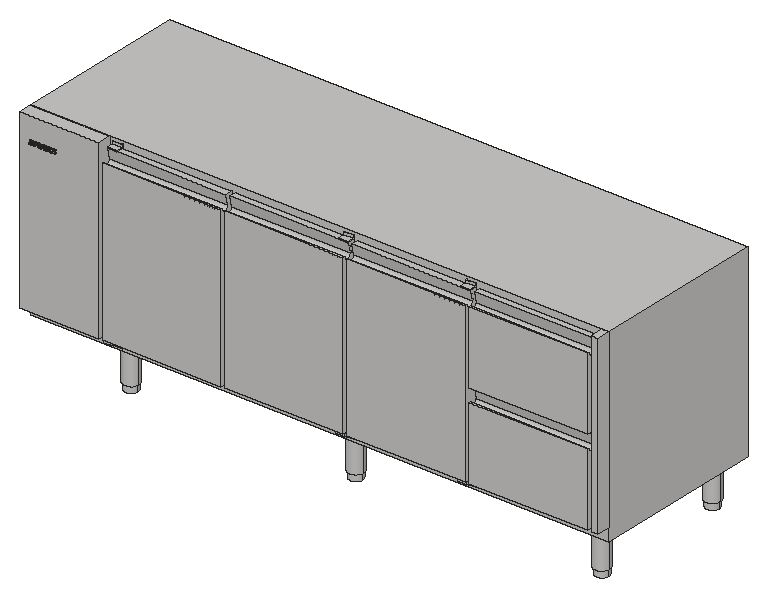
Revit family "QF_ALPENINOX_721087_AK4R7AAAB", category Attrezzature speciali, Revit 2018 (continued)
Definition of nested family "HPC_APX_BI_TN_L"
  Lines and regions (mm)
    Split face 120
      outline origin (110, -951.3, 50) x (1, 0, 0) y (0, 1, 0)
        loop
          arc (-218.464, 607.474) -> (-222.464, 603.474) -> (-218.464, 599.474) r 4
          line (-218.464, 599.474) -> (-176.464, 599.474)
          arc (-176.464, 599.474) -> (-172.464, 603.474) -> (-176.464, 607.474) r 4
          line (-176.464, 607.474) -> (-218.464, 607.474)
    Split face 121
      outline origin (220, -951.3, 50) x (1, 0, 0) y (0, 1, 0)
        loop
          arc (-273.464, 607.474) -> (-277.464, 603.474) -> (-273.464, 599.474) r 4
          line (-273.464, 599.474) -> (-231.464, 599.474)
          arc (-231.464, 599.474) -> (-227.464, 603.474) -> (-231.464, 607.474) r 4
          line (-231.464, 607.474) -> (-273.464, 607.474)
    Split face 122
      outline origin (0, -975.3, 50) x (1, 0, 0) y (0, 1, 0)
        loop
          arc (-163.464, 619.474) -> (-167.464, 615.474) -> (-163.464, 611.474) r 4
          line (-163.464, 611.474) -> (-121.464, 611.474)
          arc (-121.464, 611.474) -> (-117.464, 615.474) -> (-121.464, 619.474) r 4
          line (-121.464, 619.474) -> (-163.464, 619.474)
    Split face 123
      outline origin (330, -975.3, 50) x (1, 0, 0) y (0, 1, 0)
        loop
          arc (-328.464, 619.474) -> (-332.464, 615.474) -> (-328.464, 611.474) r 4
          line (-328.464, 611.474) -> (-286.464, 611.474)
          arc (-286.464, 611.474) -> (-282.464, 615.474) -> (-286.464, 619.474) r 4
          line (-286.464, 619.474) -> (-328.464, 619.474)
    Split face 124
      outline origin (110, -975.3, 50) x (1, 0, 0) y (0, 1, 0)
        loop
          arc (-218.464, 619.474) -> (-222.464, 615.474) -> (-218.464, 611.474) r 4
          line (-218.464, 611.474) -> (-176.464, 611.474)
          arc (-176.464, 611.474) -> (-172.464, 615.474) -> (-176.464, 619.474) r 4
          line (-176.464, 619.474) -> (-218.464, 619.474)
    Split face 125
      outline origin (220, -975.3, 50) x (1, 0, 0) y (0, 1, 0)
        loop
          arc (-273.464, 619.474) -> (-277.464, 615.474) -> (-273.464, 611.474) r 4
          line (-273.464, 611.474) -> (-231.464, 611.474)
          arc (-231.464, 611.474) -> (-227.464, 615.474) -> (-231.464, 619.474) r 4
          line (-231.464, 619.474) -> (-273.464, 619.474)
    Split face 126
      outline origin (0, -999.3, 50) x (1, 0, 0) y (0, 1, 0)
        loop
          arc (-163.464, 631.474) -> (-167.464, 627.474) -> (-163.464, 623.474) r 4
          line (-163.464, 623.474) -> (-121.464, 623.474)
          arc (-121.464, 623.474) -> (-117.464, 627.474) -> (-121.464, 631.474) r 4
          line (-121.464, 631.474) -> (-163.464, 631.474)
    Split face 127
      outline origin (330, -999.3, 50) x (1, 0, 0) y (0, 1, 0)
        loop
          arc (-328.464, 631.474) -> (-332.464, 627.474) -> (-328.464, 623.474) r 4
          line (-328.464, 623.474) -> (-286.464, 623.474)
          arc (-286.464, 623.474) -> (-282.464, 627.474) -> (-286.464, 631.474) r 4
          line (-286.464, 631.474) -> (-328.464, 631.474)
    Split face 128
      outline origin (110, -999.3, 50) x (1, 0, 0) y (0, 1, 0)
        loop
          arc (-218.464, 631.474) -> (-222.464, 627.474) -> (-218.464, 623.474) r 4
          line (-218.464, 623.474) -> (-176.464, 623.474)
          arc (-176.464, 623.474) -> (-172.464, 627.474) -> (-176.464, 631.474) r 4
          line (-176.464, 631.474) -> (-218.464, 631.474)
    Split face 129
      outline origin (220, -999.3, 50) x (1, 0, 0) y (0, 1, 0)
        loop
          arc (-273.464, 631.474) -> (-277.464, 627.474) -> (-273.464, 623.474) r 4
          line (-273.464, 623.474) -> (-231.464, 623.474)
          arc (-231.464, 623.474) -> (-227.464, 627.474) -> (-231.464, 631.474) r 4
          line (-231.464, 631.474) -> (-273.464, 631.474)
    Split face 130
      outline origin (0, -1023.3, 50) x (1, 0, 0) y (0, 1, 0)
        loop
          arc (-163.464, 643.474) -> (-167.464, 639.474) -> (-163.464, 635.474) r 4
          line (-163.464, 635.474) -> (-121.464, 635.474)
          arc (-121.464, 635.474) -> (-117.464, 639.474) -> (-121.464, 643.474) r 4
          line (-121.464, 643.474) -> (-163.464, 643.474)
    Split face 131
      outline origin (330, -1023.3, 50) x (1, 0, 0) y (0, 1, 0)
        loop
          arc (-328.464, 643.474) -> (-332.464, 639.474) -> (-328.464, 635.474) r 4
          line (-328.464, 635.474) -> (-286.464, 635.474)
          arc (-286.464, 635.474) -> (-282.464, 639.474) -> (-286.464, 643.474) r 4
          line (-286.464, 643.474) -> (-328.464, 643.474)
    Split face 132
      outline origin (110, -1023.3, 50) x (1, 0, 0) y (0, 1, 0)
        loop
          arc (-218.464, 643.474) -> (-222.464, 639.474) -> (-218.464, 635.474) r 4
          line (-218.464, 635.474) -> (-176.464, 635.474)
          arc (-176.464, 635.474) -> (-172.464, 639.474) -> (-176.464, 643.474) r 4
          line (-176.464, 643.474) -> (-218.464, 643.474)
    Split face 133
      outline origin (220, -1023.3, 50) x (1, 0, 0) y (0, 1, 0)
        loop
          arc (-273.464, 643.474) -> (-277.464, 639.474) -> (-273.464, 635.474) r 4
          line (-273.464, 635.474) -> (-231.464, 635.474)
          arc (-231.464, 635.474) -> (-227.464, 639.474) -> (-231.464, 643.474) r 4
          line (-231.464, 643.474) -> (-273.464, 643.474)
    symbolic lines
      curve 1: line (87.08, -74, 50) -> (87.08, -74, 0)
  Dimensions and locks
    equal spacing: plane 6, plane 1 "Center (Front/Back)", plane 7
    equal spacing: plane 4, plane 3 "Center (Left/Right)", plane 5
    aligned and locked: plane 2 to Extrusion 1
    aligned and locked: level to Extrusion 1
  Automatic sketch dimensions
    Split face 5 sketch curve to Split face 5 sketch curve = 42 mm
    Split face 5 sketch curve to Split face 5 sketch curve = 4 mm
    Split face 6 sketch curve to Split face 6 sketch curve = 42 mm
    Split face 6 sketch curve to Split face 6 sketch curve = 4 mm
    Split face 7 sketch curve to Split face 7 sketch curve = 42 mm
    Split face 7 sketch curve to Split face 7 sketch curve = 4 mm
    Split face 8 sketch curve to Split face 8 sketch curve = 42 mm
    Split face 8 sketch curve to Split face 8 sketch curve = 4 mm
    Split face 9 sketch curve to Split face 9 sketch curve = 42 mm
    Split face 9 sketch curve to Split face 9 sketch curve = 4 mm
    Split face 10 sketch curve to Split face 10 sketch curve = 42 mm
    Split face 10 sketch curve to Split face 10 sketch curve = 4 mm
    Split face 11 sketch curve to Split face 11 sketch curve = 42 mm
    Split face 11 sketch curve to Split face 11 sketch curve = 4 mm
    Split face 12 sketch curve to Split face 12 sketch curve = 42 mm
    Split face 12 sketch curve to Split face 12 sketch curve = 4 mm
    Split face 13 sketch curve to Split face 13 sketch curve = 42 mm
    Split face 13 sketch curve to Split face 13 sketch curve = 4 mm
    Split face 14 sketch curve to Split face 14 sketch curve = 42 mm
    Split face 14 sketch curve to Split face 14 sketch curve = 4 mm
    Split face 15 sketch curve to Split face 15 sketch curve = 42 mm
    Split face 15 sketch curve to Split face 15 sketch curve = 4 mm
    Split face 16 sketch curve to Split face 16 sketch curve = 42 mm
    Split face 16 sketch curve to Split face 16 sketch curve = 4 mm
    Split face 17 sketch curve to Split face 17 sketch curve = 42 mm
    Split face 17 sketch curve to Split face 17 sketch curve = 4 mm
    Split face 18 sketch curve to Split face 18 sketch curve = 42 mm
    Split face 18 sketch curve to Split face 18 sketch curve = 4 mm
    Split face 19 sketch curve to Split face 19 sketch curve = 42 mm
    Split face 19 sketch curve to Split face 19 sketch curve = 4 mm
    Split face 20 sketch curve to Split face 20 sketch curve = 42 mm
    Split face 20 sketch curve to Split face 20 sketch curve = 4 mm
    Split face 21 sketch curve to Split face 21 sketch curve = 42 mm
    Split face 21 sketch curve to Split face 21 sketch curve = 4 mm
    Split face 22 sketch curve to Split face 22 sketch curve = 42 mm
    Split face 22 sketch curve to Split face 22 sketch curve = 4 mm
    Split face 23 sketch curve to Split face 23 sketch curve = 42 mm
    Split face 23 sketch curve to Split face 23 sketch curve = 4 mm
    Split face 24 sketch curve to Split face 24 sketch curve = 42 mm
    Split face 24 sketch curve to Split face 24 sketch curve = 4 mm
    Split face 25 sketch curve to Split face 25 sketch curve = 42 mm
    Split face 25 sketch curve to Split face 25 sketch curve = 4 mm
    Split face 26 sketch curve to Split face 26 sketch curve = 42 mm
    Split face 26 sketch curve to Split face 26 sketch curve = 4 mm
    Split face 27 sketch curve to Split face 27 sketch curve = 42 mm
    Split face 27 sketch curve to Split face 27 sketch curve = 4 mm
    Split face 28 sketch curve to Split face 28 sketch curve = 42 mm
    Split face 28 sketch curve to Split face 28 sketch curve = 4 mm
    Split face 29 sketch curve to Split face 29 sketch curve = 42 mm
    Split face 29 sketch curve to Split face 29 sketch curve = 4 mm
    Split face 30 sketch curve to Split face 30 sketch curve = 42 mm
    Split face 30 sketch curve to Split face 30 sketch curve = 4 mm
    Split face 31 sketch curve to Split face 31 sketch curve = 42 mm
    Split face 31 sketch curve to Split face 31 sketch curve = 4 mm
    Split face 32 sketch curve to Split face 32 sketch curve = 42 mm
    Split face 32 sketch curve to Split face 32 sketch curve = 4 mm
    Split face 33 sketch curve to Split face 33 sketch curve = 42 mm
    Split face 33 sketch curve to Split face 33 sketch curve = 4 mm
    Split face 34 sketch curve to Split face 34 sketch curve = 42 mm
    Split face 34 sketch curve to Split face 34 sketch curve = 4 mm
    Split face 35 sketch curve to Split face 35 sketch curve = 42 mm
    Split face 35 sketch curve to Split face 35 sketch curve = 4 mm
    Split face 36 sketch curve to Split face 36 sketch curve = 42 mm
    Split face 36 sketch curve to Split face 36 sketch curve = 4 mm
    Split face 37 sketch curve to Split face 37 sketch curve = 42 mm
    Split face 37 sketch curve to Split face 37 sketch curve = 4 mm
    Split face 38 sketch curve to Split face 38 sketch curve = 42 mm
    Split face 38 sketch curve to Split face 38 sketch curve = 4 mm
    Split face 39 sketch curve to Split face 39 sketch curve = 42 mm
    Split face 39 sketch curve to Split face 39 sketch curve = 4 mm
    Split face 40 sketch curve to Split face 40 sketch curve = 42 mm
    Split face 40 sketch curve to Split face 40 sketch curve = 4 mm
    Split face 41 sketch curve to Split face 41 sketch curve = 42 mm
    Split face 41 sketch curve to Split face 41 sketch curve = 4 mm
    Split face 42 sketch curve to Split face 42 sketch curve = 42 mm
    Split face 42 sketch curve to Split face 42 sketch curve = 4 mm
    Split face 43 sketch curve to Split face 43 sketch curve = 42 mm
    Split face 43 sketch curve to Split face 43 sketch curve = 4 mm
    Split face 44 sketch curve to Split face 44 sketch curve = 42 mm
    Split face 44 sketch curve to Split face 44 sketch curve = 4 mm
    Split face 45 sketch curve to Split face 45 sketch curve = 42 mm
    Split face 45 sketch curve to Split face 45 sketch curve = 4 mm
    Split face 46 sketch curve to Split face 46 sketch curve = 42 mm
    Split face 46 sketch curve to Split face 46 sketch curve = 4 mm
    Split face 47 sketch curve to Split face 47 sketch curve = 42 mm
    Split face 47 sketch curve to Split face 47 sketch curve = 4 mm
    Split face 48 sketch curve to Split face 48 sketch curve = 42 mm
    Split face 48 sketch curve to Split face 48 sketch curve = 4 mm
    Split face 49 sketch curve to Split face 49 sketch curve = 42 mm
    Split face 49 sketch curve to Split face 49 sketch curve = 4 mm
    Split face 50 sketch curve to Split face 50 sketch curve = 42 mm
    Split face 50 sketch curve to Split face 50 sketch curve = 4 mm
    Split face 51 sketch curve to Split face 51 sketch curve = 42 mm
    Split face 51 sketch curve to Split face 51 sketch curve = 4 mm
    Split face 52 sketch curve to Split face 52 sketch curve = 42 mm
    Split face 52 sketch curve to Split face 52 sketch curve = 4 mm
    Split face 53 sketch curve to Split face 53 sketch curve = 42 mm
    Split face 53 sketch curve to Split face 53 sketch curve = 4 mm
    Split face 54 sketch curve to Split face 54 sketch curve = 42 mm
    Split face 54 sketch curve to Split face 54 sketch curve = 4 mm
    Split face 55 sketch curve to Split face 55 sketch curve = 42 mm
    Split face 55 sketch curve to Split face 55 sketch curve = 4 mm
    Split face 56 sketch curve to Split face 56 sketch curve = 42 mm
    Split face 56 sketch curve to Split face 56 sketch curve = 4 mm
    Split face 57 sketch curve to Split face 57 sketch curve = 42 mm
    Split face 57 sketch curve to Split face 57 sketch curve = 4 mm
    Split face 58 sketch curve to Split face 58 sketch curve = 42 mm
    Split face 58 sketch curve to Split face 58 sketch curve = 4 mm
    Split face 59 sketch curve to Split face 59 sketch curve = 42 mm
    Split face 59 sketch curve to Split face 59 sketch curve = 4 mm
    Split face 60 sketch curve to Split face 60 sketch curve = 42 mm
    Split face 60 sketch curve to Split face 60 sketch curve = 4 mm
    Split face 61 sketch curve to Split face 61 sketch curve = 42 mm
    Split face 61 sketch curve to Split face 61 sketch curve = 4 mm
    Split face 62 sketch curve to Split face 62 sketch curve = 42 mm
    Split face 62 sketch curve to Split face 62 sketch curve = 4 mm
    Split face 63 sketch curve to Split face 63 sketch curve = 42 mm
    Split face 63 sketch curve to Split face 63 sketch curve = 4 mm
    Split face 64 sketch curve to Split face 64 sketch curve = 42 mm
    Split face 64 sketch curve to Split face 64 sketch curve = 4 mm
    Split face 65 sketch curve to Split face 65 sketch curve = 42 mm
    Split face 65 sketch curve to Split face 65 sketch curve = 4 mm
    Split face 66 sketch curve to Split face 66 sketch curve = 42 mm
    Split face 66 sketch curve to Split face 66 sketch curve = 4 mm
    Split face 67 sketch curve to Split face 67 sketch curve = 42 mm
    Split face 67 sketch curve to Split face 67 sketch curve = 4 mm
    Split face 68 sketch curve to Split face 68 sketch curve = 42 mm
    Split face 68 sketch curve to Split face 68 sketch curve = 4 mm
    Split face 70 sketch curve to Split face 70 sketch curve = 42 mm
    Split face 70 sketch curve to Split face 70 sketch curve = 4 mm
    Split face 71 sketch curve to Split face 71 sketch curve = 42 mm
    Split face 71 sketch curve to Split face 71 sketch curve = 4 mm
    Split face 72 sketch curve to Split face 72 sketch curve = 42 mm
    Split face 72 sketch curve to Split face 72 sketch curve = 4 mm
    Split face 73 sketch curve to Split face 73 sketch curve = 42 mm
    Split face 73 sketch curve to Split face 73 sketch curve = 4 mm
    Split face 74 sketch curve to Split face 74 sketch curve = 42 mm
    Split face 74 sketch curve to Split face 74 sketch curve = 4 mm
    Split face 75 sketch curve to Split face 75 sketch curve = 42 mm
    Split face 75 sketch curve to Split face 75 sketch curve = 4 mm
    Split face 76 sketch curve to Split face 76 sketch curve = 42 mm
    Split face 76 sketch curve to Split face 76 sketch curve = 4 mm
    Split face 77 sketch curve to Split face 77 sketch curve = 42 mm
    Split face 77 sketch curve to Split face 77 sketch curve = 4 mm
    Split face 78 sketch curve to Split face 78 sketch curve = 42 mm
    Split face 78 sketch curve to Split face 78 sketch curve = 4 mm
    Split face 79 sketch curve to Split face 79 sketch curve = 42 mm
    Split face 79 sketch curve to Split face 79 sketch curve = 4 mm
    Split face 80 sketch curve to Split face 80 sketch curve = 42 mm
    Split face 80 sketch curve to Split face 80 sketch curve = 4 mm
    Split face 81 sketch curve to Split face 81 sketch curve = 42 mm
    Split face 81 sketch curve to Split face 81 sketch curve = 4 mm
    Split face 82 sketch curve to Split face 82 sketch curve = 42 mm
    Split face 82 sketch curve to Split face 82 sketch curve = 4 mm
    Split face 83 sketch curve to Split face 83 sketch curve = 42 mm
    Split face 83 sketch curve to Split face 83 sketch curve = 4 mm
    Split face 84 sketch curve to Split face 84 sketch curve = 42 mm
    Split face 84 sketch curve to Split face 84 sketch curve = 4 mm
    Split face 85 sketch curve to Split face 85 sketch curve = 42 mm
    Split face 85 sketch curve to Split face 85 sketch curve = 4 mm
    Split face 86 sketch curve to Split face 86 sketch curve = 42 mm
    Split face 86 sketch curve to Split face 86 sketch curve = 4 mm
    Split face 87 sketch curve to Split face 87 sketch curve = 42 mm
    Split face 87 sketch curve to Split face 87 sketch curve = 4 mm
    Split face 88 sketch curve to Split face 88 sketch curve = 42 mm
    Split face 88 sketch curve to Split face 88 sketch curve = 4 mm
    Split face 89 sketch curve to Split face 89 sketch curve = 42 mm
    Split face 89 sketch curve to Split face 89 sketch curve = 4 mm
    Split face 90 sketch curve to Split face 90 sketch curve = 42 mm
    Split face 90 sketch curve to Split face 90 sketch curve = 4 mm
    Split face 91 sketch curve to Split face 91 sketch curve = 42 mm
    Split face 91 sketch curve to Split face 91 sketch curve = 4 mm
    Split face 92 sketch curve to Split face 92 sketch curve = 42 mm
    Split face 92 sketch curve to Split face 92 sketch curve = 4 mm
    Split face 93 sketch curve to Split face 93 sketch curve = 42 mm
    Split face 93 sketch curve to Split face 93 sketch curve = 4 mm
    Split face 94 sketch curve to Split face 94 sketch curve = 42 mm
    Split face 94 sketch curve to Split face 94 sketch curve = 4 mm
    Split face 95 sketch curve to Split face 95 sketch curve = 42 mm
    Split face 95 sketch curve to Split face 95 sketch curve = 4 mm
    Split face 96 sketch curve to Split face 96 sketch curve = 42 mm
    Split face 96 sketch curve to Split face 96 sketch curve = 4 mm
    Split face 97 sketch curve to Split face 97 sketch curve = 42 mm
    Split face 97 sketch curve to Split face 97 sketch curve = 4 mm
    Split face 98 sketch curve to Split face 98 sketch curve = 42 mm
    Split face 98 sketch curve to Split face 98 sketch curve = 4 mm
    Split face 99 sketch curve to Split face 99 sketch curve = 42 mm
    Split face 99 sketch curve to Split face 99 sketch curve = 4 mm
    Split face 100 sketch curve to Split face 100 sketch curve = 42 mm
    Split face 100 sketch curve to Split face 100 sketch curve = 4 mm
    Split face 101 sketch curve to Split face 101 sketch curve = 42 mm
    Split face 101 sketch curve to Split face 101 sketch curve = 4 mm
    Split face 102 sketch curve to Split face 102 sketch curve = 42 mm
    Split face 102 sketch curve to Split face 102 sketch curve = 4 mm
    Split face 103 sketch curve to Split face 103 sketch curve = 42 mm
    Split face 103 sketch curve to Split face 103 sketch curve = 4 mm
    Split face 104 sketch curve to Split face 104 sketch curve = 42 mm
    Split face 104 sketch curve to Split face 104 sketch curve = 4 mm
    Split face 105 sketch curve to Split face 105 sketch curve = 42 mm
    Split face 105 sketch curve to Split face 105 sketch curve = 4 mm
    Split face 106 sketch curve to Split face 106 sketch curve = 42 mm
    Split face 106 sketch curve to Split face 106 sketch curve = 4 mm
    Split face 107 sketch curve to Split face 107 sketch curve = 42 mm
    Split face 107 sketch curve to Split face 107 sketch curve = 4 mm
    Split face 108 sketch curve to Split face 108 sketch curve = 42 mm
    Split face 108 sketch curve to Split face 108 sketch curve = 4 mm
    Split face 109 sketch curve to Split face 109 sketch curve = 42 mm
    Split face 109 sketch curve to Split face 109 sketch curve = 4 mm
    Split face 110 sketch curve to Split face 110 sketch curve = 42 mm
    Split face 110 sketch curve to Split face 110 sketch curve = 4 mm
    Split face 111 sketch curve to Split face 111 sketch curve = 42 mm
    Split face 111 sketch curve to Split face 111 sketch curve = 4 mm
    Split face 112 sketch curve to Split face 112 sketch curve = 42 mm
    Split face 112 sketch curve to Split face 112 sketch curve = 4 mm
    Split face 113 sketch curve to Split face 113 sketch curve = 42 mm
    Split face 113 sketch curve to Split face 113 sketch curve = 4 mm
    Split face 114 sketch curve to Split face 114 sketch curve = 42 mm
    Split face 114 sketch curve to Split face 114 sketch curve = 4 mm
    Split face 115 sketch curve to Split face 115 sketch curve = 42 mm
    Split face 115 sketch curve to Split face 115 sketch curve = 4 mm
    Split face 116 sketch curve to Split face 116 sketch curve = 42 mm
    Split face 116 sketch curve to Split face 116 sketch curve = 4 mm
    Split face 117 sketch curve to Split face 117 sketch curve = 42 mm
    Split face 117 sketch curve to Split face 117 sketch curve = 4 mm
    Split face 118 sketch curve to Split face 118 sketch curve = 42 mm
    Split face 118 sketch curve to Split face 118 sketch curve = 4 mm
    Split face 119 sketch curve to Split face 119 sketch curve = 42 mm
    Split face 119 sketch curve to Split face 119 sketch curve = 4 mm
    Split face 120 sketch curve to Split face 120 sketch curve = 42 mm
    Split face 120 sketch curve to Split face 120 sketch curve = 4 mm
    Split face 121 sketch curve to Split face 121 sketch curve = 42 mm
    Split face 121 sketch curve to Split face 121 sketch curve = 4 mm
    Split face 122 sketch curve to Split face 122 sketch curve = 42 mm
    Split face 122 sketch curve to Split face 122 sketch curve = 4 mm
    Split face 123 sketch curve to Split face 123 sketch curve = 42 mm
    Split face 123 sketch curve to Split face 123 sketch curve = 4 mm
    Split face 124 sketch curve to Split face 124 sketch curve = 42 mm
    Split face 124 sketch curve to Split face 124 sketch curve = 4 mm
    Split face 125 sketch curve to Split face 125 sketch curve = 42 mm
    Split face 125 sketch curve to Split face 125 sketch curve = 4 mm
    Split face 126 sketch curve to Split face 126 sketch curve = 42 mm
    Split face 126 sketch curve to Split face 126 sketch curve = 4 mm
    Split face 127 sketch curve to Split face 127 sketch curve = 42 mm
    Split face 127 sketch curve to Split face 127 sketch curve = 4 mm
    Split face 128 sketch curve to Split face 128 sketch curve = 42 mm
    Split face 128 sketch curve to Split face 128 sketch curve = 4 mm
    Split face 129 sketch curve to Split face 129 sketch curve = 42 mm
    Split face 129 sketch curve to Split face 129 sketch curve = 4 mm
    Split face 130 sketch curve to Split face 130 sketch curve = 42 mm
    Split face 130 sketch curve to Split face 130 sketch curve = 4 mm
    Split face 131 sketch curve to Split face 131 sketch curve = 42 mm
    Split face 131 sketch curve to Split face 131 sketch curve = 4 mm
    Split face 132 sketch curve to Split face 132 sketch curve = 42 mm
    Split face 132 sketch curve to Split face 132 sketch curve = 4 mm
    Split face 133 sketch curve to Split face 133 sketch curve = 42 mm
    Split face 133 sketch curve to Split face 133 sketch curve = 4 mm
    Extrusion 1 sketch curve to Extrusion 1 sketch curve = 2438.4 mm  (x2)
    Extrusion 2 sketch curve to plane 4 = 0 mm
    Extrusion 2 sketch curve to plane 5 = 0 mm
    Extrusion 2 sketch curve to plane 7 = 0 mm
    Extrusion 2 sketch curve to plane 6 = 0 mm
    Split face 1 sketch curve to Extrusion 2 = 0 mm  (x2)
    Split face 1 sketch curve to Extrusion 2 = 34 mm
    Split face 1 sketch curve to Extrusion 2 = 104 mm
    Split face 1 sketch curve to Split face 1 sketch curve = 17.5 mm
    Split face 2 sketch curve to Extrusion 2 = 130.5 mm
    Split face 2 sketch curve to Extrusion 2 = 60.5 mm
    Split face 2 sketch curve to Extrusion 2 = 98 mm
    Split face 2 sketch curve to Split face 2 sketch curve = 23 mm
    Split face 3 sketch curve to Extrusion 2 = 80.5 mm
    Split face 3 sketch curve to Split face 3 sketch curve = 17 mm  (x2)
    Split face 3 sketch curve to Extrusion 2 = 95 mm
    plane 4 to Extrusion 3 sketch curve = 34.51 mm
    Extrusion 3 sketch curve to Extrusion 3 sketch curve = 1.266 mm
    Extrusion 3 sketch curve to Extrusion 3 sketch curve = 1.307 mm
    Extrusion 3 sketch curve to Extrusion 3 sketch curve = 0.57 mm
    Extrusion 3 sketch curve to Extrusion 3 sketch curve = 0.593 mm
    Extrusion 3 sketch curve to Extrusion 3 sketch curve = 0.799 mm
    Extrusion 3 sketch curve to Extrusion 3 sketch curve = 1.99 mm  (x2)
    Extrusion 3 sketch curve to Extrusion 3 sketch curve = 0.003 mm
    Extrusion 3 sketch curve to Extrusion 3 sketch curve = 3.534 mm
    Extrusion 3 sketch curve to Extrusion 3 sketch curve = 0.835 mm
    Extrusion 3 sketch curve to Extrusion 3 sketch curve = 0.56 mm
    Extrusion 3 sketch curve to Extrusion 3 sketch curve = 1.268 mm
    Extrusion 3 sketch curve to Extrusion 3 sketch curve = 1.223 mm
    Extrusion 3 sketch curve to Extrusion 3 sketch curve = 1.344 mm
    Extrusion 3 sketch curve to Extrusion 3 sketch curve = 1.394 mm  (x2)
    Extrusion 3 sketch curve to Extrusion 3 sketch curve = 1.512 mm
    Extrusion 3 sketch curve to Extrusion 3 sketch curve = 3.309 mm
    Extrusion 3 sketch curve to Extrusion 3 sketch curve = 5.841 mm
    Extrusion 3 sketch curve to Extrusion 3 sketch curve = 1.393 mm
    Extrusion 3 sketch curve to Extrusion 3 sketch curve = 1.439 mm
    Extrusion 3 sketch curve to Extrusion 3 sketch curve = 0 mm  (x19)
    Extrusion 3 sketch curve to Extrusion 3 sketch curve = 1.902 mm
    Extrusion 3 sketch curve to Extrusion 3 sketch curve = 0.052 mm
    Extrusion 3 sketch curve to Extrusion 3 sketch curve = 2.065 mm
    Extrusion 3 sketch curve to Extrusion 3 sketch curve = 0.647 mm
    Extrusion 3 sketch curve to Extrusion 3 sketch curve = 8.079 mm
    Extrusion 3 sketch curve to Extrusion 3 sketch curve = 0.073 mm
    Extrusion 3 sketch curve to Extrusion 3 sketch curve = 2.145 mm
    Extrusion 3 sketch curve to Extrusion 3 sketch curve = 2.931 mm
    Extrusion 3 sketch curve to Extrusion 3 sketch curve = 0.213 mm
    Extrusion 3 sketch curve to Extrusion 3 sketch curve = 0.026 mm
    Extrusion 3 sketch curve to Extrusion 3 sketch curve = 0.263 mm
    Extrusion 3 sketch curve to Extrusion 3 sketch curve = 0.516 mm
    Extrusion 3 sketch curve to Extrusion 3 sketch curve = 0.356 mm
    Extrusion 3 sketch curve to Extrusion 3 sketch curve = 0.387 mm
    Extrusion 3 sketch curve to Extrusion 3 sketch curve = 2.378 mm
    Extrusion 3 sketch curve to Extrusion 3 sketch curve = 2.466 mm
    Extrusion 3 sketch curve to Extrusion 3 sketch curve = 0.602 mm
    Extrusion 3 sketch curve to Extrusion 3 sketch curve = 1.02 mm
    Extrusion 3 sketch curve to Extrusion 3 sketch curve = 0.949 mm
    Extrusion 3 sketch curve to Extrusion 3 sketch curve = 1.728 mm
    Extrusion 3 sketch curve to Extrusion 3 sketch curve = 0.157 mm  (x2)
    Extrusion 3 sketch curve to Extrusion 3 sketch curve = 0.292 mm
    Extrusion 3 sketch curve to Extrusion 3 sketch curve = 3.565 mm
    Extrusion 3 sketch curve to Extrusion 3 sketch curve = 1.396 mm  (x2)
    Extrusion 3 sketch curve to Extrusion 3 sketch curve = 1.418 mm  (x2)
    Extrusion 3 sketch curve to Extrusion 3 sketch curve = 1.151 mm  (x2)
    Extrusion 3 sketch curve to Extrusion 3 sketch curve = 5.709 mm  (x2)
    Extrusion 3 sketch curve to Extrusion 3 sketch curve = 0.224 mm  (x2)
    Extrusion 3 sketch curve to Extrusion 3 sketch curve = 1.149 mm  (x2)
    Extrusion 3 sketch curve to Extrusion 3 sketch curve = 1.395 mm  (x2)
    Extrusion 3 sketch curve to Extrusion 3 sketch curve = 1.744 mm
    Extrusion 3 sketch curve to Extrusion 3 sketch curve = 1.745 mm
    Extrusion 3 sketch curve to Extrusion 3 sketch curve = 6.963 mm
    Extrusion 3 sketch curve to Extrusion 3 sketch curve = 0.493 mm  (x3)
    Extrusion 3 sketch curve to Extrusion 3 sketch curve = 0.273 mm  (x2)
    Extrusion 3 sketch curve to Extrusion 3 sketch curve = 0.021 mm  (x2)
    Extrusion 3 sketch curve to Extrusion 3 sketch curve = 0.226 mm  (x2)
    Extrusion 3 sketch curve to Extrusion 3 sketch curve = 0.268 mm  (x2)
    Extrusion 3 sketch curve to Extrusion 3 sketch curve = 0.294 mm
    Extrusion 3 sketch curve to Extrusion 3 sketch curve = 5.238 mm
    Extrusion 3 sketch curve to Extrusion 3 sketch curve = 5.908 mm
    Extrusion 3 sketch curve to Extrusion 3 sketch curve = 1.109 mm  (x2)
    Extrusion 3 sketch curve to Extrusion 3 sketch curve = 1.108 mm  (x2)
    Extrusion 3 sketch curve to Extrusion 3 sketch curve = 1.142 mm  (x2)
    Extrusion 3 sketch curve to Extrusion 3 sketch curve = 1.216 mm  (x2)
    Extrusion 3 sketch curve to Extrusion 3 sketch curve = 3.013 mm
    Extrusion 3 sketch curve to Extrusion 3 sketch curve = 1.616 mm  (x3)
    Extrusion 3 sketch curve to Extrusion 3 sketch curve = 2.305 mm
    Extrusion 3 sketch curve to Extrusion 3 sketch curve = 3.049 mm
    Extrusion 3 sketch curve to plane 6 = 93.469 mm
    Extrusion 3 sketch curve to Extrusion 3 sketch curve = 0.498 mm
    Extrusion 3 sketch curve to Extrusion 3 sketch curve = 0.682 mm
    Extrusion 3 sketch curve to Extrusion 3 sketch curve = 0.664 mm
    Extrusion 3 sketch curve to Extrusion 3 sketch curve = 0.425 mm
    Extrusion 3 sketch curve to Extrusion 3 sketch curve = 0.41 mm
    Extrusion 3 sketch curve to Extrusion 3 sketch curve = 1.272 mm
    Extrusion 3 sketch curve to Extrusion 3 sketch curve = 0.789 mm  (x2)
    Extrusion 3 sketch curve to Extrusion 3 sketch curve = 0.056 mm
    Extrusion 3 sketch curve to Extrusion 3 sketch curve = 0.83 mm
    Extrusion 3 sketch curve to Extrusion 3 sketch curve = 1.238 mm
    Extrusion 3 sketch curve to Extrusion 3 sketch curve = 1.732 mm
    Extrusion 3 sketch curve to Extrusion 3 sketch curve = 0.346 mm
    Extrusion 3 sketch curve to Extrusion 3 sketch curve = 1.123 mm
    Extrusion 3 sketch curve to Extrusion 3 sketch curve = 3.023 mm
    Extrusion 3 sketch curve to Extrusion 3 sketch curve = 4.203 mm
    Extrusion 3 sketch curve to Extrusion 3 sketch curve = 3.452 mm  (x2)
    Extrusion 3 sketch curve to Extrusion 3 sketch curve = 2.544 mm
    Extrusion 3 sketch curve to Extrusion 3 sketch curve = 1.177 mm
    Extrusion 3 sketch curve to Extrusion 3 sketch curve = 3.261 mm
    Extrusion 3 sketch curve to Extrusion 3 sketch curve = 0.352 mm  (x2)
    Extrusion 3 sketch curve to Extrusion 3 sketch curve = 1.987 mm
    Extrusion 3 sketch curve to Extrusion 3 sketch curve = 0.171 mm
    Extrusion 3 sketch curve to Extrusion 3 sketch curve = 0.533 mm  (x3)
    Extrusion 3 sketch curve to Extrusion 3 sketch curve = 0.14 mm  (x4)
    Extrusion 3 sketch curve to Extrusion 3 sketch curve = 0.473 mm
    Extrusion 3 sketch curve to Extrusion 3 sketch curve = 0.31 mm  (x2)
    Extrusion 3 sketch curve to Extrusion 3 sketch curve = 0.075 mm
    Extrusion 3 sketch curve to Extrusion 3 sketch curve = 2.431 mm
    Extrusion 3 sketch curve to Extrusion 3 sketch curve = 2.32 mm  (x2)
    Extrusion 3 sketch curve to Extrusion 3 sketch curve = 1.992 mm
    Extrusion 3 sketch curve to Extrusion 3 sketch curve = 0.674 mm
    Extrusion 3 sketch curve to Extrusion 3 sketch curve = 0.732 mm
    Extrusion 3 sketch curve to Extrusion 3 sketch curve = 0.388 mm
    Extrusion 3 sketch curve to Extrusion 3 sketch curve = 0.121 mm
    Extrusion 3 sketch curve to Extrusion 3 sketch curve = 2.589 mm
    Extrusion 3 sketch curve to Extrusion 3 sketch curve = 0.662 mm
    Extrusion 3 sketch curve to Extrusion 3 sketch curve = 3.473 mm
    Extrusion 3 sketch curve to Extrusion 3 sketch curve = 0.681 mm
    Extrusion 3 sketch curve to Extrusion 3 sketch curve = 1.615 mm
    Extrusion 3 sketch curve to Extrusion 3 sketch curve = 0.34 mm
    Extrusion 3 sketch curve to Extrusion 3 sketch curve = 2.288 mm
    Extrusion 3 sketch curve to Extrusion 3 sketch curve = 0.942 mm
    Extrusion 3 sketch curve to Extrusion 3 sketch curve = 5.4 mm
    Extrusion 3 sketch curve to Extrusion 3 sketch curve = 1.768 mm  (x2)
    Extrusion 3 sketch curve to Extrusion 3 sketch curve = 0.761 mm
    Extrusion 3 sketch curve to Extrusion 3 sketch curve = 0.996 mm
    Extrusion 3 sketch curve to Extrusion 3 sketch curve = 3.543 mm  (x2)
    Extrusion 3 sketch curve to Extrusion 3 sketch curve = 7.017 mm
    Extrusion 3 sketch curve to Extrusion 3 sketch curve = 0.11 mm
    Extrusion 3 sketch curve to Extrusion 3 sketch curve = 0.823 mm  (x2)
    Extrusion 3 sketch curve to Extrusion 3 sketch curve = 0.947 mm
    Extrusion 3 sketch curve to Extrusion 3 sketch curve = 3.837 mm
    Extrusion 3 sketch curve to Extrusion 3 sketch curve = 0.623 mm
    Extrusion 3 sketch curve to Extrusion 3 sketch curve = 1.082 mm
    Extrusion 3 sketch curve to Extrusion 3 sketch curve = 0.801 mm
    Extrusion 3 sketch curve to Extrusion 3 sketch curve = 1 mm
    Extrusion 3 sketch curve to Extrusion 3 sketch curve = 0.089 mm
    Extrusion 3 sketch curve to Extrusion 3 sketch curve = 4.257 mm
    Extrusion 3 sketch curve to Extrusion 3 sketch curve = 4.345 mm  (x2)
    Extrusion 3 sketch curve to Extrusion 3 sketch curve = 2.576 mm
    Extrusion 3 sketch curve to Extrusion 3 sketch curve = 1.385 mm  (x4)
    Extrusion 3 sketch curve to Extrusion 3 sketch curve = 2.133 mm  (x4)
    Extrusion 3 sketch curve to Extrusion 3 sketch curve = 3.518 mm
    Extrusion 3 sketch curve to Extrusion 3 sketch curve = 5.603 mm
    Extrusion 3 sketch curve to Extrusion 3 sketch curve = 2.571 mm
    Split face 4 sketch curve to Extrusion 2 = 0 mm  (x2)
    Split face 4 sketch curve to Extrusion 2 = 64 mm
    Split face 69 sketch curve to Extrusion 2 = 0 mm  (x2)
    Split face 69 sketch curve to Extrusion 2 = 109 mm
    Split face 5 sketch curve to Extrusion 2 = 43.456 mm
    Split face 5 sketch curve to Extrusion 2 = 128.176 mm
    Split face 6 sketch curve to Extrusion 2 = 85.544 mm
    Split face 6 sketch curve to Extrusion 2 = 128.176 mm
    Split face 7 sketch curve to Extrusion 2 = 98.456 mm
    Split face 7 sketch curve to Extrusion 2 = 128.176 mm
    Split face 8 sketch curve to Extrusion 2 = 140.544 mm
    Split face 8 sketch curve to Extrusion 2 = 128.176 mm
    Split face 9 sketch curve to Extrusion 2 = 43.456 mm
    Split face 9 sketch curve to Extrusion 2 = 140.176 mm
    Split face 10 sketch curve to Extrusion 2 = 85.544 mm
    Split face 10 sketch curve to Extrusion 2 = 140.176 mm
    Split face 11 sketch curve to Extrusion 2 = 98.456 mm
    Split face 11 sketch curve to Extrusion 2 = 140.176 mm
    Split face 12 sketch curve to Extrusion 2 = 140.544 mm
    Split face 12 sketch curve to Extrusion 2 = 140.176 mm
    Split face 13 sketch curve to Extrusion 2 = 43.456 mm
    Split face 13 sketch curve to Extrusion 2 = 152.176 mm
    Split face 14 sketch curve to Extrusion 2 = 85.544 mm
    Split face 14 sketch curve to Extrusion 2 = 152.176 mm
    Split face 15 sketch curve to Extrusion 2 = 98.456 mm
    Split face 15 sketch curve to Extrusion 2 = 152.176 mm
    Split face 16 sketch curve to Extrusion 2 = 140.544 mm
    Split face 16 sketch curve to Extrusion 2 = 152.176 mm
    Split face 17 sketch curve to Extrusion 2 = 43.456 mm
    Split face 17 sketch curve to Extrusion 2 = 164.176 mm
    Split face 18 sketch curve to Extrusion 2 = 85.544 mm
    Split face 18 sketch curve to Extrusion 2 = 164.176 mm
    Split face 19 sketch curve to Extrusion 2 = 98.456 mm
    Split face 19 sketch curve to Extrusion 2 = 164.176 mm
    Split face 20 sketch curve to Extrusion 2 = 140.544 mm
    Split face 20 sketch curve to Extrusion 2 = 164.176 mm
    Split face 21 sketch curve to Extrusion 2 = 43.456 mm
    Split face 21 sketch curve to Extrusion 2 = 176.176 mm
    Split face 22 sketch curve to Extrusion 2 = 85.544 mm
    Split face 22 sketch curve to Extrusion 2 = 176.176 mm
    Split face 23 sketch curve to Extrusion 2 = 98.456 mm
    Split face 23 sketch curve to Extrusion 2 = 176.176 mm
    Split face 24 sketch curve to Extrusion 2 = 140.544 mm
    Split face 24 sketch curve to Extrusion 2 = 176.176 mm
    Split face 25 sketch curve to Extrusion 2 = 43.456 mm
    Split face 25 sketch curve to Extrusion 2 = 188.176 mm
    Split face 26 sketch curve to Extrusion 2 = 85.544 mm
    Split face 26 sketch curve to Extrusion 2 = 188.176 mm
    Split face 27 sketch curve to Extrusion 2 = 98.456 mm
    Split face 27 sketch curve to Extrusion 2 = 188.176 mm
    Split face 28 sketch curve to Extrusion 2 = 140.544 mm
    Split face 28 sketch curve to Extrusion 2 = 188.176 mm
    Split face 29 sketch curve to Extrusion 2 = 43.456 mm
    Split face 29 sketch curve to Extrusion 2 = 200.176 mm
    Split face 30 sketch curve to Extrusion 2 = 85.544 mm
    Split face 30 sketch curve to Extrusion 2 = 200.176 mm
    Split face 31 sketch curve to Extrusion 2 = 98.456 mm
    Split face 31 sketch curve to Extrusion 2 = 200.176 mm
    Split face 32 sketch curve to Extrusion 2 = 140.544 mm
    Split face 32 sketch curve to Extrusion 2 = 200.176 mm
    Split face 33 sketch curve to Extrusion 2 = 43.456 mm
    Split face 33 sketch curve to Extrusion 2 = 212.176 mm
    Split face 34 sketch curve to Extrusion 2 = 85.544 mm
    Split face 34 sketch curve to Extrusion 2 = 212.176 mm
    Split face 35 sketch curve to Extrusion 2 = 98.456 mm
    Split face 35 sketch curve to Extrusion 2 = 212.176 mm
    Split face 36 sketch curve to Extrusion 2 = 140.544 mm
    Split face 36 sketch curve to Extrusion 2 = 212.176 mm
    Split face 37 sketch curve to Extrusion 2 = 43.456 mm
    Split face 37 sketch curve to Extrusion 2 = 224.176 mm
    Split face 38 sketch curve to Extrusion 2 = 85.544 mm
    Split face 38 sketch curve to Extrusion 2 = 224.176 mm
    Split face 39 sketch curve to Extrusion 2 = 98.456 mm
    Split face 39 sketch curve to Extrusion 2 = 224.176 mm
    Split face 40 sketch curve to Extrusion 2 = 140.544 mm
    Split face 40 sketch curve to Extrusion 2 = 224.176 mm
    Split face 41 sketch curve to Extrusion 2 = 43.456 mm
    Split face 41 sketch curve to Extrusion 2 = 236.176 mm
    Split face 42 sketch curve to Extrusion 2 = 85.544 mm
    Split face 42 sketch curve to Extrusion 2 = 236.176 mm
    Split face 43 sketch curve to Extrusion 2 = 98.456 mm
    Split face 43 sketch curve to Extrusion 2 = 236.176 mm
    Split face 44 sketch curve to Extrusion 2 = 140.544 mm
    Split face 44 sketch curve to Extrusion 2 = 236.176 mm
    Split face 45 sketch curve to Extrusion 2 = 43.456 mm
    Split face 45 sketch curve to Extrusion 2 = 248.176 mm
    Split face 46 sketch curve to Extrusion 2 = 85.544 mm
    Split face 46 sketch curve to Extrusion 2 = 248.176 mm
    Split face 47 sketch curve to Extrusion 2 = 98.456 mm
    Split face 47 sketch curve to Extrusion 2 = 248.176 mm
    Split face 48 sketch curve to Extrusion 2 = 140.544 mm
    Split face 48 sketch curve to Extrusion 2 = 248.176 mm
    Split face 49 sketch curve to Extrusion 2 = 43.456 mm
    Split face 49 sketch curve to Extrusion 2 = 260.176 mm
    Split face 50 sketch curve to Extrusion 2 = 85.544 mm
    Split face 50 sketch curve to Extrusion 2 = 260.176 mm
    Split face 51 sketch curve to Extrusion 2 = 98.456 mm
    Split face 51 sketch curve to Extrusion 2 = 260.176 mm
    Split face 52 sketch curve to Extrusion 2 = 140.544 mm
    Split face 52 sketch curve to Extrusion 2 = 260.176 mm
    Split face 53 sketch curve to Extrusion 2 = 43.456 mm
    Split face 53 sketch curve to Extrusion 2 = 272.176 mm
    Split face 54 sketch curve to Extrusion 2 = 85.544 mm
    Split face 54 sketch curve to Extrusion 2 = 272.176 mm
    Split face 55 sketch curve to Extrusion 2 = 98.456 mm
    Split face 55 sketch curve to Extrusion 2 = 272.176 mm
    Split face 56 sketch curve to Extrusion 2 = 140.544 mm
    Split face 56 sketch curve to Extrusion 2 = 272.176 mm
    Split face 57 sketch curve to Extrusion 2 = 43.456 mm
    Split face 57 sketch curve to Extrusion 2 = 284.176 mm
    Split face 58 sketch curve to Extrusion 2 = 85.544 mm
    Split face 58 sketch curve to Extrusion 2 = 284.176 mm
    Split face 59 sketch curve to Extrusion 2 = 98.456 mm
    Split face 59 sketch curve to Extrusion 2 = 284.176 mm
    Split face 60 sketch curve to Extrusion 2 = 140.544 mm
    Split face 60 sketch curve to Extrusion 2 = 284.176 mm
    Split face 61 sketch curve to Extrusion 2 = 43.456 mm
    Split face 61 sketch curve to Extrusion 2 = 296.176 mm
    Split face 62 sketch curve to Extrusion 2 = 85.544 mm
    Split face 62 sketch curve to Extrusion 2 = 296.176 mm
    Split face 63 sketch curve to Extrusion 2 = 98.456 mm
    Split face 63 sketch curve to Extrusion 2 = 296.176 mm
    Split face 64 sketch curve to Extrusion 2 = 140.544 mm
    Split face 64 sketch curve to Extrusion 2 = 296.176 mm
    Split face 65 sketch curve to Extrusion 2 = 43.456 mm
    Split face 65 sketch curve to Extrusion 2 = 308.176 mm
    Split face 66 sketch curve to Extrusion 2 = 85.544 mm
    Split face 66 sketch curve to Extrusion 2 = 308.176 mm
    Split face 67 sketch curve to Extrusion 2 = 98.456 mm
    Split face 67 sketch curve to Extrusion 2 = 308.176 mm
    Split face 68 sketch curve to Extrusion 2 = 140.544 mm
    Split face 68 sketch curve to Extrusion 2 = 308.176 mm
    Split face 70 sketch curve to Extrusion 2 = 43.456 mm
    Split face 70 sketch curve to Extrusion 2 = 192.174 mm
    Split face 71 sketch curve to Extrusion 2 = 85.544 mm
    Split face 71 sketch curve to Extrusion 2 = 192.174 mm
    Split face 72 sketch curve to Extrusion 2 = 98.456 mm
    Split face 72 sketch curve to Extrusion 2 = 192.174 mm
    Split face 73 sketch curve to Extrusion 2 = 140.544 mm
    Split face 73 sketch curve to Extrusion 2 = 192.174 mm
    Split face 74 sketch curve to Extrusion 2 = 43.456 mm
    Split face 74 sketch curve to Extrusion 2 = 180.174 mm
    Split face 75 sketch curve to Extrusion 2 = 85.544 mm
    Split face 75 sketch curve to Extrusion 2 = 180.174 mm
    Split face 76 sketch curve to Extrusion 2 = 98.456 mm
    Split face 76 sketch curve to Extrusion 2 = 180.174 mm
    Split face 77 sketch curve to Extrusion 2 = 140.544 mm
    Split face 77 sketch curve to Extrusion 2 = 180.174 mm
    Split face 78 sketch curve to Extrusion 2 = 43.456 mm
    Split face 78 sketch curve to Extrusion 2 = 168.174 mm
    Split face 79 sketch curve to Extrusion 2 = 85.544 mm
    Split face 79 sketch curve to Extrusion 2 = 168.174 mm
    Split face 80 sketch curve to Extrusion 2 = 98.456 mm
    Split face 80 sketch curve to Extrusion 2 = 168.174 mm
    Split face 81 sketch curve to Extrusion 2 = 140.544 mm
    Split face 81 sketch curve to Extrusion 2 = 168.174 mm
    Split face 82 sketch curve to Extrusion 2 = 43.456 mm
    Split face 82 sketch curve to Extrusion 2 = 156.174 mm
    Split face 83 sketch curve to Extrusion 2 = 85.544 mm
    Split face 83 sketch curve to Extrusion 2 = 156.174 mm
    Split face 84 sketch curve to Extrusion 2 = 98.456 mm
    Split face 84 sketch curve to Extrusion 2 = 156.174 mm
    Split face 85 sketch curve to Extrusion 2 = 140.544 mm
    Split face 85 sketch curve to Extrusion 2 = 156.174 mm
    Split face 86 sketch curve to Extrusion 2 = 43.456 mm
    Split face 86 sketch curve to Extrusion 2 = 144.174 mm
    Split face 87 sketch curve to Extrusion 2 = 85.544 mm
    Split face 87 sketch curve to Extrusion 2 = 144.174 mm
    Split face 88 sketch curve to Extrusion 2 = 98.456 mm
    Split face 88 sketch curve to Extrusion 2 = 144.174 mm
    Split face 89 sketch curve to Extrusion 2 = 140.544 mm
    Split face 89 sketch curve to Extrusion 2 = 144.174 mm
    Split face 90 sketch curve to Extrusion 2 = 43.456 mm
    Split face 90 sketch curve to Extrusion 2 = 132.174 mm
    Split face 91 sketch curve to Extrusion 2 = 85.544 mm
    Split face 91 sketch curve to Extrusion 2 = 132.174 mm
    Split face 92 sketch curve to Extrusion 2 = 98.456 mm
    Split face 92 sketch curve to Extrusion 2 = 132.174 mm
    Split face 93 sketch curve to Extrusion 2 = 140.544 mm
    Split face 93 sketch curve to Extrusion 2 = 132.174 mm
    Split face 94 sketch curve to Extrusion 2 = 43.456 mm
    Split face 94 sketch curve to Extrusion 2 = 120.174 mm
    Split face 95 sketch curve to Extrusion 2 = 85.544 mm
    Split face 95 sketch curve to Extrusion 2 = 120.174 mm
    Split face 96 sketch curve to Extrusion 2 = 98.456 mm
    Split face 96 sketch curve to Extrusion 2 = 120.174 mm
    Split face 97 sketch curve to Extrusion 2 = 140.544 mm
    Split face 97 sketch curve to Extrusion 2 = 120.174 mm
    Split face 98 sketch curve to Extrusion 2 = 43.456 mm
    Split face 98 sketch curve to Extrusion 2 = 108.174 mm
    Split face 99 sketch curve to Extrusion 2 = 85.544 mm
    Split face 99 sketch curve to Extrusion 2 = 108.174 mm
    Split face 100 sketch curve to Extrusion 2 = 98.456 mm
    Split face 100 sketch curve to Extrusion 2 = 108.174 mm
    Split face 101 sketch curve to Extrusion 2 = 140.544 mm
    Split face 101 sketch curve to Extrusion 2 = 108.174 mm
    Split face 102 sketch curve to Extrusion 2 = 43.456 mm
    Split face 102 sketch curve to Extrusion 2 = 96.174 mm
    Split face 103 sketch curve to Extrusion 2 = 85.544 mm
    Split face 103 sketch curve to Extrusion 2 = 96.174 mm
    Split face 104 sketch curve to Extrusion 2 = 98.456 mm
    Split face 104 sketch curve to Extrusion 2 = 96.174 mm
    Split face 105 sketch curve to Extrusion 2 = 140.544 mm
    Split face 105 sketch curve to Extrusion 2 = 96.174 mm
    Split face 106 sketch curve to Extrusion 2 = 43.456 mm
    Split face 106 sketch curve to Extrusion 2 = 84.174 mm
    Split face 107 sketch curve to Extrusion 2 = 85.544 mm
    Split face 107 sketch curve to Extrusion 2 = 84.174 mm
    Split face 108 sketch curve to Extrusion 2 = 98.456 mm
    Split face 108 sketch curve to Extrusion 2 = 84.174 mm
    Split face 109 sketch curve to Extrusion 2 = 140.544 mm
    Split face 109 sketch curve to Extrusion 2 = 84.174 mm
    Split face 110 sketch curve to Extrusion 2 = 43.456 mm
    Split face 110 sketch curve to Extrusion 2 = 72.174 mm
    Split face 111 sketch curve to Extrusion 2 = 85.544 mm
    Split face 111 sketch curve to Extrusion 2 = 72.174 mm
    Split face 112 sketch curve to Extrusion 2 = 98.456 mm
    Split face 112 sketch curve to Extrusion 2 = 72.174 mm
    Split face 113 sketch curve to Extrusion 2 = 140.544 mm
    Split face 113 sketch curve to Extrusion 2 = 72.174 mm
    Split face 114 sketch curve to Extrusion 2 = 43.456 mm
    Split face 114 sketch curve to Extrusion 2 = 60.174 mm
    Split face 115 sketch curve to Extrusion 2 = 85.544 mm
    Split face 115 sketch curve to Extrusion 2 = 60.174 mm
    Split face 116 sketch curve to Extrusion 2 = 98.456 mm
    Split face 116 sketch curve to Extrusion 2 = 60.174 mm
    Split face 117 sketch curve to Extrusion 2 = 68.174 mm
    Split face 117 sketch curve to Extrusion 2 = 140.544 mm
    Split face 118 sketch curve to Extrusion 2 = 43.456 mm
    Split face 118 sketch curve to Extrusion 2 = 48.174 mm
    Split face 119 sketch curve to Extrusion 2 = 85.544 mm
    Split face 119 sketch curve to Extrusion 2 = 48.174 mm
    Split face 120 sketch curve to Extrusion 2 = 98.456 mm
    Split face 120 sketch curve to Extrusion 2 = 48.174 mm
    Split face 121 sketch curve to Extrusion 2 = 56.174 mm
    Split face 121 sketch curve to Extrusion 2 = 140.544 mm
    Split face 122 sketch curve to Extrusion 2 = 43.456 mm
    Split face 122 sketch curve to Extrusion 2 = 36.174 mm
    Split face 123 sketch curve to Extrusion 2 = 85.544 mm
    Split face 123 sketch curve to Extrusion 2 = 36.174 mm
    Split face 124 sketch curve to Extrusion 2 = 44.174 mm
    Split face 124 sketch curve to Extrusion 2 = 98.456 mm
    Split face 125 sketch curve to Extrusion 2 = 44.174 mm
    Split face 125 sketch curve to Extrusion 2 = 140.544 mm
    Split face 126 sketch curve to Extrusion 2 = 43.456 mm
    Split face 126 sketch curve to Extrusion 2 = 24.174 mm
    Split face 127 sketch curve to Extrusion 2 = 32.174 mm
    Split face 127 sketch curve to Extrusion 2 = 85.544 mm
    Split face 128 sketch curve to Extrusion 2 = 32.174 mm
    Split face 128 sketch curve to Extrusion 2 = 98.456 mm
    Split face 129 sketch curve to Extrusion 2 = 32.174 mm
    Split face 129 sketch curve to Extrusion 2 = 140.544 mm
    Split face 130 sketch curve to Extrusion 2 = 20.174 mm
    Split face 130 sketch curve to Extrusion 2 = 43.456 mm
    Split face 131 sketch curve to Extrusion 2 = 20.174 mm
    Split face 131 sketch curve to Extrusion 2 = 85.544 mm
    Split face 132 sketch curve to Extrusion 2 = 20.174 mm
    Split face 132 sketch curve to Extrusion 2 = 98.456 mm
    Split face 133 sketch curve to Extrusion 2 = 20.174 mm
    Split face 133 sketch curve to Extrusion 2 = 140.544 mm
    curve 1 to level = 0 mm
    curve 1 to plane 5 = 0 mm
    curve 1 to curve 1 = 50 mm
Definition of nested family "HPC_APX_SD_L"
  Parameters
    Show Clearance [instance] = yes
    Default Elevation = 1219.2 mm
  Reference planes
    plane 1 "Center (Front/Back)": y = 0
    plane 2: z = 0
    plane 3 "Center (Left/Right)": x = 0
    plane 4: x = -234
    plane 5: x = 234
  Forms (mm)
    Extrusion 1, solid
      sketch origin (0, 0, 0) x (1, 0, 0) y (0, 1, 0)
        loop
          line (-1219.2, 1219.2) -> (-1219.2, -1219.2) -> (1219.2, -1219.2) -> (1219.2, 1219.2) -> (-1219.2, 1219.2)
      from 0 to -304.8
    Extrusion 2, solid
      sketch origin (0, 0, -3) x (0, 1, 0) y (0, 0, 1)
        loop
          line (-314, 53) -> (-314, 3) -> (314, 3) -> (314, 29) -> (274.395, 20)
          arc (274.395, 20) -> (260.396, 33.803) -> (274, 47.994) r 14
          line (274, 47.994) -> (274, 53) -> (-314, 53)
      from -220 to 220
    Extrusion 3, solid
      sketch origin (0, 0, 0) x (0, 1, 0) y (0, 0, -1)
        loop
          line (-323.003, -40.312) -> (-323.003, -12.259) -> (-323.003, 0) -> (-351.511, 0) -> (-351.511, -2.5) -> (-325.503, -2.5) -> (-325.503, -42.812) -> (-316.501, -42.812) -> (-316.501, -40.312) -> (-323.003, -40.312)
        loop
          line (-314, -38.311) -> (-314, -11.804) -> (-319.752, -11.804) -> (-319.752, -14.304) -> (-316.501, -14.304) -> (-316.501, -38.311) -> (-314, -38.311)
        loop
          line (315.003, -27.948) -> (317.503, -27.948) -> (317.503, -2.5) -> (327.503, -2.5) -> (327.503, 0) -> (315.003, 0) -> (315.003, -2.948) -> (315.003, -27.948)
      from 185 to 220
    Extrusion 4, solid, visible <- "Show Clearance", detail levels coarse
      sketch origin (0, 0, -3) x (-1, 0, 0) y (0, 0, -1)
        loop
          line (220, -53) -> (-220, -53)
          arc (-220, -53) -> (-79.636, -340.04) -> (220, -451) r 430
          line (220, -451) -> (220, -53)
      from -314 to 314
  Lines and regions (mm)
    symbolic lines
      curve 1: arc (219.599, 0, 55) -> (95.934, 0, 321.503) -> (-170, 0, 446.39) r 430
      curve 2: line (-220, 0, 55) -> (-220, 0, 448)
      curve 3: line (-170, 0, 55) -> (-170, 0, 448)
      curve 4: line (-220, 0, 448) -> (-170, 0, 448)
  Dimensions and locks
    plane 4 to plane 3 "Center (Left/Right)" to plane 5 = 234 mm locked, 234 mm locked
    aligned and locked: plane 2 to Extrusion 1
    aligned and locked: level to Extrusion 1
Definition of nested family "HPC_APX_SD_R"
  Parameters
    Show Clearance [instance] = yes
    Default Elevation = 1219.2 mm
  Reference planes
    plane 1 "Center (Front/Back)": y = 0
    plane 2: z = 0
    plane 3 "Center (Left/Right)": x = 0
    plane 4: x = -234
    plane 5: x = 234
  Forms (mm)
    Extrusion 1, solid
      sketch origin (0, 0, 0) x (1, 0, 0) y (0, 1, 0)
        loop
          line (-1219.2, 1219.2) -> (-1219.2, -1219.2) -> (1219.2, -1219.2) -> (1219.2, 1219.2) -> (-1219.2, 1219.2)
      from 0 to -304.8
    Extrusion 2, solid
      sketch origin (0, 0, -3) x (0, 1, 0) y (0, 0, -1)
        loop
          line (-314, -53) -> (274, -53) -> (274, -47.994)
          arc (274, -47.994) -> (260.396, -33.803) -> (274.395, -20) r 14
          line (274.395, -20) -> (314, -29) -> (314, -3) -> (-314, -3) -> (-314, -53)
      from -220 to 220
    Extrusion 3, solid
      sketch origin (0, 0, 0) x (0, 1, 0) y (0, 0, 1)
        loop
          line (-323.003, 40.312) -> (-316.501, 40.312) -> (-316.501, 42.812) -> (-325.503, 42.812) -> (-325.503, 2.5) -> (-351.511, 2.5) -> (-351.511, 0) -> (-323.003, 0) -> (-323.003, 12.259) -> (-323.003, 40.312)
        loop
          line (-314, 38.311) -> (-316.501, 38.311) -> (-316.501, 14.304) -> (-319.752, 14.304) -> (-319.752, 11.804) -> (-314, 11.804) -> (-314, 38.311)
        loop
          line (315.003, 27.948) -> (315.003, 2.948) -> (315.003, 0) -> (327.503, 0) -> (327.503, 2.5) -> (317.503, 2.5) -> (317.503, 27.948) -> (315.003, 27.948)
      from 185 to 220
    Extrusion 4, solid, visible <- "Show Clearance", detail levels coarse
      sketch origin (0, 0, -3) x (1, 0, 0) y (0, 0, 1)
        loop
          line (220, 53) -> (220, 451)
          arc (220, 451) -> (-79.636, 340.04) -> (-220, 53) r 430
          line (-220, 53) -> (220, 53)
      from -314 to 314
  Lines and regions (mm)
    symbolic lines
      curve 1: arc (-219.599, 0, 55) -> (-95.934, 0, 321.503) -> (170, 0, 446.39) r 430
      curve 2: line (220, 0, 55) -> (220, 0, 448)
      curve 3: line (170, 0, 55) -> (170, 0, 448)
      curve 4: line (220, 0, 448) -> (170, 0, 448)
  Dimensions and locks
    plane 4 to plane 3 "Center (Left/Right)" to plane 5 = 234 mm locked, 234 mm locked
    aligned and locked: plane 2 to Extrusion 1
    aligned and locked: level to Extrusion 1
Definition of nested family "HPC_APX_HALF"
  Parameters
    Show Clearance [instance] = yes
    Default Elevation = 1219.2 mm
  Reference planes
    plane 1 "Center (Front/Back)": y = 0
    plane 2: z = 0
    plane 3 "Center (Left/Right)": x = 0
    plane 4: x = -234
    plane 5: x = 234
    plane 6: z = 618
  Forms (mm)
    Extrusion 1, solid
      sketch origin (0, 0, 0) x (1, 0, 0) y (0, 1, 0)
        loop
          line (-1219.2, 1219.2) -> (-1219.2, -1219.2) -> (1219.2, -1219.2) -> (1219.2, 1219.2) -> (-1219.2, 1219.2)
      from 0 to -304.8
    Extrusion 2, solid
      sketch origin (0, 0, 0) x (0, 1, 0) y (0, 0, 1)
        loop
          line (314, 0) -> (314, 26) -> (274.395, 17)
          arc (274.395, 17) -> (260.395, 31) -> (274.395, 45) r 14
          line (274.395, 45) -> (274.395, 50) -> (5, 50) -> (5, 0) -> (314, 0)
        loop
          line (-5, 0) -> (-5, 26) -> (-44.605, 17)
          arc (-44.605, 17) -> (-58.605, 31) -> (-44.605, 45) r 14
          line (-44.605, 45) -> (-44.605, 50) -> (-314, 50) -> (-314, 0) -> (-5, 0)
      from -220 to 220
    Extrusion 3, solid, visible <- "Show Clearance", detail levels coarse
      sketch origin (0, 0, 512) x (0, 1, 0) y (0, 0, 1)
        loop
          line (-314, 106) -> (-314, -462) -> (-5, -462) -> (-5, 82) -> (-44.605, 73)
          arc (-44.605, 73) -> (-58.605, 87) -> (-44.605, 101) r 14
          line (-44.605, 101) -> (-44.605, 106) -> (-314, 106)
        loop
          line (314, -462) -> (314, 82) -> (274.395, 73)
          arc (274.395, 73) -> (260.395, 87) -> (274.395, 101) r 14
          line (274.395, 101) -> (274.395, 106) -> (5, 106) -> (5, -462) -> (314, -462)
      from -220 to 220
  Lines and regions (mm)
    symbolic lines
      curve 1: line (220, 0, 139.793) -> (-220, 0, 139.793)
      curve 2: line (220, 0, 174.793) -> (-220, 0, 174.793)
      curve 3: line (220, 0, 259.793) -> (-220, 0, 259.793)
      curve 4: line (220, 0, 294.793) -> (-220, 0, 294.793)
      curve 5: line (191.424, 0, 139.793) -> (191.424, 0, 54.793)
      curve 6: line (-190, 0, 139.793) -> (-190, 0, 54.793)
      curve 7: line (191.424, 0, 259.793) -> (191.424, 0, 174.793)
      curve 8: line (-190, 0, 259.793) -> (-190, 0, 174.793)
      curve 9: line (220, 0, 259.793) -> (220, 0, 294.793)
      curve 10: line (-220, 0, 259.793) -> (-220, 0, 294.793)
      curve 11: line (220, 0, 139.793) -> (220, 0, 174.793)
      curve 12: line (-220, 0, 139.793) -> (-220, 0, 174.793)
  Dimensions and locks
    plane 4 to plane 3 "Center (Left/Right)" to plane 5 = 234 mm locked, 234 mm locked
    plane 6 to level = 618 mm
    aligned and locked: plane 2 to Extrusion 1
    aligned and locked: level to Extrusion 1
Definition of nested family "HPC_Refrigerator"
  Reference planes
    plane 1 "Center (Front/Back)": y = 0
    plane 2: z = 0
    plane 3 "Center (Left/Right)": x = 0
  Lines and regions (mm)
    detail lines, in view "Ref. Level"
      curve 1: spline (-500, 190, 0) -> (-493.185, 166.706, 0) -> (-473.205, 145, 0) -> (-441.421, 126.36, 0) -> (-400, 112.058, 0) -> (-351.764, 103.067, 0) -> (-300, 100, 0) -> (-248.236, 103.067, 0) -> (-200, 112.058, 0) -> (-158.579, 126.36, 0) -> (-126.795, 145, 0) -> (-106.815, 166.706, 0) -> (-100, 190, 0) -> (-106.815, 213.294, 0) -> (-126.795, 235, 0) -> (-158.579, 253.64, 0) -> (-200, 267.942, 0) -> (-248.236, 276.933, 0) -> (-300, 280, 0) -> (-351.764, 276.933, 0) -> (-400, 267.942, 0) -> (-441.421, 253.64, 0) -> (-473.205, 235, 0) -> (-493.185, 213.294, 0) -> (-500, 190, 0)
      curve 2: line (-300, 130, 0) -> (-300, 250, 0)
      curve 3: line (-351.962, 220, 0) -> (-248.038, 160, 0)
      curve 4: line (-351.962, 160, 0) -> (-248.038, 220, 0)
      curve 5: line (-280.884, 246.873, 0) -> (-300, 225, 0)
      curve 6: line (-300, 225, 0) -> (-319.116, 246.873, 0)
      curve 7: line (-330.311, 207.5, 0) -> (-339.696, 234.992, 0)
      curve 8: line (-358.812, 201.882, 0) -> (-330.311, 207.5, 0)
      curve 9: line (-330.311, 172.5, 0) -> (-358.812, 178.118, 0)
      curve 10: line (-339.696, 145.008, 0) -> (-330.311, 172.5, 0)
      curve 11: line (-300, 155, 0) -> (-319.116, 133.127, 0)
      curve 12: line (-280.884, 133.127, 0) -> (-300, 155, 0)
      curve 13: line (-269.689, 172.5, 0) -> (-260.304, 145.008, 0)
      curve 14: line (-241.188, 178.118, 0) -> (-269.689, 172.5, 0)
      curve 15: line (-269.689, 207.5, 0) -> (-241.188, 201.882, 0)
      curve 16: line (-260.304, 234.992, 0) -> (-269.689, 207.5, 0)
Types (2, lengths in mm): name | URL | Produttore | Phase | Modello | Descrizione
  (no name) | 0 | 0 | 0 | 0 | 0
  Standard | "http://www.alpeninox.com" | "Alpeninox" | 1 | "AK4R7AAAB" | "3-DOOR AND 2X1/2-DRAWER REFRIGERATED COUNTER, -2+10°C, FULL AISI 304 (R290), WITHOUT WORK TOP"
